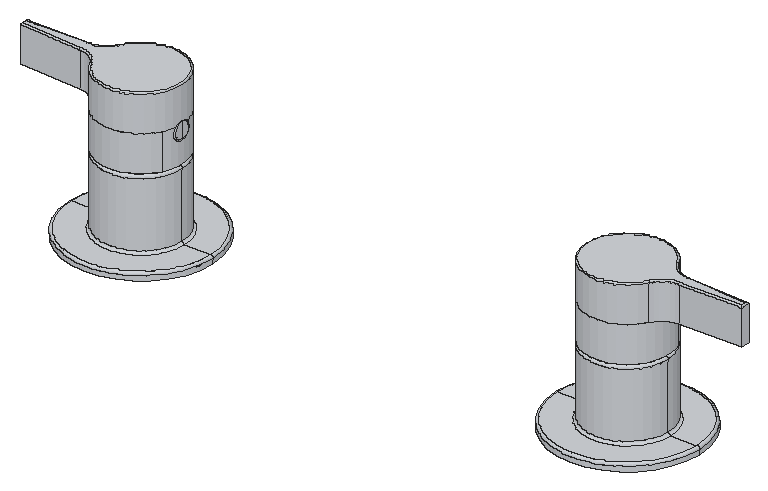
Revit family "Shower-Valve_Trim-KOHLER-TAUT-K-T97099BR", category Specialty Equipment, host Face, Revit 2017
Family settings
  Host = Face
  Round Connector Dimension = Use Diameter
  Part Type = Normal
  OmniClass Number = 23.31.25.00
  OmniClass Title = Toilet and Bath Specialties
  Cut with Voids When Loaded = No
  Shared = No
  Room Calculation Point = No
Parameters (values of type "CP- Polished chrome")
  Width [instance] = 8"
  WaterSense Certified = 1 = 0  # no
  URL = "https://br.kohler.com/"
  Type = 1
  Product Page URL = "https://br.kohler.com/product-detail/t97099br-4?skuid=K-T97099BR-4-CP"
  Product Name = "Taut"  # constant formula
  Product Documentation Link = ""
  Model = "K-T97099BR-4-CP"  # constant formula
  Material = "Metal construction"  # constant formula
  Master Format 2014 Name = "Toilet, Bath, and Laundry Accessories"  # constant formula
  Master Format 2014 = "10 28 00"  # constant formula
  Manufacturer Address = "Rio de Janeiro MULTIREPAROS RUA BATISTA DA COSTA, Nº 352 | STORE B Rio de Janeiro\nSÃO GONÇALO\n24450-470"  # constant formula
  Manufacturer = "KOHLER Co."  # constant formula
  Length = 2 123/256"  # constant formula
  Height = 2 93/256"  # constant formula
  Finish = Kohler-Metal-CP-Polished_Chrome
  Environmental Product Declaration = ""
  Description = "Finish for shower mixer"  # constant formula
  Default Elevation = 42"
  Declare Label = ""
  Date Modified = "01/25/2020"  # constant formula
  Date Created = "01/25/2020"  # constant formula
  Copyright = "Copyright KOHLER Co."  # constant formula
  Contact Us = "https://br.kohler.com/asr-listing"
  Assembly Code = "C1030200"
  ADA Compliant = 1 = 0  # no
Reference planes (in)
  plane 1 "Center (Front/Back)": y = 0
  plane 2: z = 0
  plane 3 "Center (Left/Right)": x = 0
  plane 4: x = -4
  plane 5: x = 4
  plane 6: y = -1.1811
  plane 7: y = 1.18218
  plane 8: x = -2.8189
  plane 9: x = -5.1811
  plane 10: x = -5.92913
  plane 11: x = 2.8189
  plane 12: x = 5.1811
  plane 13: x = 5.92913
  plane 14: z = 2.48047
Dimensions and locks (in)
  "Width": plane 4 to plane 5
  equal spacing: plane 4, plane 3 "Center (Left/Right)", plane 5
  locked: plane 9 to plane 8 at 2.3622
  equal spacing: plane 9, plane 4, plane 8, locked at 1.1811 each
  locked: plane 12 to plane 11 at 2.3622
  equal spacing: plane 11, plane 5, plane 12, locked at 1.1811 each
  "Height": plane 7 to plane 6
  locked: plane 4 to plane 10 at 1.92913
  locked: plane 5 to plane 13 at 1.92913
  "Length": plane 14 to level
  aligned and locked: plane 2 to host face
  aligned and locked: level to host face
  aligned and locked: plane 1 "Center (Front/Back)" to nested 1
  aligned and locked: plane 4 to nested 1
  aligned and locked: plane 5 to nested 2
Automatic sketch dimensions
  host sketch curve to host sketch curve = 96"  (x2)
Nested families (in)
  nested 1: "K-T97099BR" at (-4, 0, 0) x (0, -1, 0) z (0, 0, 1), type "K-T97099BR"
  nested 2: "K-T97099BR" at (4, 0, 0) x (0, -1, 0) z (0, 0, 1), type "K-T97099BR"
Definition of nested family "K-T97099BR"
  Parameters (values of type "K-T97099BR")
    Material = none
  Reference planes (in)
    plane 1 "Center (Front/Back)": y = 0
    plane 2: z = 0
    plane 3 "Center (Left/Right)": x = 0
    plane 4: x = -1.1811
    plane 5: x = 1.1811
    plane 6: y = 1.1811
    plane 7: y = -1.1811
    plane 8: y = -1.92913
    plane 9: z = 2.48031
    plane 10: y = 0.66923
  Forms (in)
    Revolve 1, solid, material <- "Material", detail levels medium+fine
      sketch origin (0, 0, 0) x (0, 1, 0) y (0, 0, 1)
        loop
          line (0, 0) -> (1.1811, 0) -> (1.1811, 0.07874)
          arc (1.1811, 0.07874) -> (1.16957, 0.10658) -> (1.14173, 0.11811) r 0.03937
          line (1.14173, 0.11811) -> (0.7086, 0.11811)
          arc (0.7086, 0.11811) -> (0.68076, 0.12964) -> (0.66923, 0.15748) r 0.03937
          line (0.66923, 0.15748) -> (0.66923, 1.22047)
          arc (0.66923, 1.22047) -> (0.6577, 1.24831) -> (0.62986, 1.25984) r 0.03937
          line (0.62986, 1.25984) -> (0.59049, 1.25984) -> (0.59049, 1.29102) -> (0, 1.29102) -> (0, 0)
        axis (0, 1.29102) -> (0, 0)
      angle from 0 to 360
    Extrusion 2, solid, material <- "Material", detail levels medium+fine
      sketch origin (0, 0, 0) x (1, 0, 0) y (0, 1, 0)
        loop
          line (-0.0176, -1.87992) -> (0.0176, -1.87992) -> (0.04481, -0.92397)
          arc (0.04481, -0.92397) -> (0.11165, -0.70489) -> (0.28089, -0.55053) r 0.43307
          arc (0.28089, -0.55053) -> (0, 0.61805) -> (-0.28089, -0.55053) r 0.61805
          arc (-0.28089, -0.55053) -> (-0.11165, -0.70489) -> (-0.04481, -0.92397) r 0.43307
          line (-0.04481, -0.92397) -> (-0.0176, -1.87992)
      from 1.88043 to 2.48031
    Sweep 3, solid, material <- "Material", detail levels medium+fine
      path in 3D
        loop
          arc (0.28089, -0.55053, 2.48031) -> (0.11165, -0.70489, 2.48031) -> (0.04481, -0.92397, 2.48031) r 0.43307
          line (0.04481, -0.92397, 2.48031) -> (0.0176, -1.87992, 2.48031) -> (-0.0176, -1.87992, 2.48031) -> (-0.04481, -0.92397, 2.48031)
          arc (-0.04481, -0.92397, 2.48031) -> (-0.11165, -0.70489, 2.48031) -> (-0.28089, -0.55053, 2.48031) r 0.43307
          arc (-0.28089, -0.55053, 2.48031) -> (0, 0.61805, 2.48031) -> (0.28089, -0.55053, 2.48031) r 0.61805
      profile origin (0, 0.61805, 2.48031) x (0, 1, 0) y (0, 0, 1)
        loop
          line (0, 0) -> (0, -0.59988) -> (0.05118, -0.59988) -> (0.05118, -0.02008)
          arc (0.05118, -0.02008) -> (0.0453, -0.00588) -> (0.0311, 0) r 0.02008
          line (0.0311, 0) -> (0, 0)
    Revolve 4, solid, material <- "Material", detail levels medium+fine
      sketch origin (0, 0, 0) x (0, 1, 0) y (0, 0, 1)
        loop
          line (0.67295, 1.79024) -> (0.67295, 1.91973)
          arc (0.67295, 1.91973) -> (0.66668, 1.93487) -> (0.65155, 1.94113) r 0.0214
          line (0.65155, 1.94113) -> (0.59972, 1.94113) -> (0.59972, 1.79024) -> (0.67295, 1.79024)
        axis (0.59972, 1.79024) -> (0.67295, 1.79024)
      angle from 0 to 360
    Extrusion 5, solid, material <- "Material", detail levels medium+fine
      sketch origin (0, 0, 0) x (1, 0, 0) y (0, 1, 0)
        loop
          circle (0, 0) r 0.66923
      from 1.29102 to 1.88043
    Revolve 6, solid, material <- "Material", detail levels coarse
      sketch origin (0, 0, 0) x (0, 1, 0) y (0, 0, 1)
        loop
          line (0, 0) -> (0, 0.11811) -> (0, 2.48031) -> (-0.67174, 2.48031) -> (-0.67174, 0.11811) -> (-1.1811, 0.11811) -> (-1.1811, 0) -> (0, 0)
        axis (0, 0) -> (0, 2.48031)
      angle from 0 to 360
    Extrusion 7, solid, material <- "Material", detail levels coarse
      sketch origin (0, 0, 0) x (0, 1, 0) y (0, 0, 1)
        loop
          line (-1.9311, 1.88043) -> (-0.13065, 1.88043) -> (-0.13065, 2.48031) -> (-1.9311, 2.48031) -> (-1.9311, 1.88043)
      from -0.11811 to 0.11811
  Cuts and joins
    joined: Revolve 1, Extrusion 2, Sweep 3, Extrusion 5
    joined: Revolve 6, Extrusion 7
  Lines and regions (in)
    Masking region 1
      outline origin (0, 0, 0) x (1, 0, 0) y (0, 1, 0)
        loop
          arc (0.08879, -1.17776) -> (0, 1.1811) -> (-0.08879, -1.17776) r 1.1811
          line (-0.08879, -1.17776) -> (-0.06805, -1.90618)
          arc (-0.06805, -1.90618) -> (-0.06091, -1.92245) -> (-0.04444, -1.92913) r 0.02362
          line (-0.04444, -1.92913) -> (0.04554, -1.92913)
          arc (0.04554, -1.92913) -> (0.06122, -1.92277) -> (0.06802, -1.90728) r 0.02249
          line (0.06802, -1.90728) -> (0.08879, -1.17776)
    Masking region 2
      outline origin (0, 0, 0) x (1, 0, 0) y (0, 0, 1)
        loop
          line (-0.7086, 0.11811) -> (-1.14173, 0.11811)
          arc (-1.14173, 0.11811) -> (-1.16957, 0.10658) -> (-1.1811, 0.07874) r 0.03937
          line (-1.1811, 0.07874) -> (-1.1811, 0) -> (1.1811, 0) -> (1.1811, 0.07874)
          arc (1.1811, 0.07874) -> (1.16957, 0.10658) -> (1.14173, 0.11811) r 0.03937
          line (1.14173, 0.11811) -> (0.7086, 0.11811)
          arc (0.7086, 0.11811) -> (0.68076, 0.12964) -> (0.66923, 0.15748) r 0.03937
          line (0.66923, 0.15748) -> (0.66923, 1.22047)
          arc (0.66923, 1.22047) -> (0.6577, 1.24831) -> (0.62986, 1.25984) r 0.03937
          line (0.62986, 1.25984) -> (0.59049, 1.25984) -> (0.59049, 1.29102) -> (0.66923, 1.29102) -> (0.66923, 2.45669)
          arc (0.66923, 2.45669) -> (0.66231, 2.4734) -> (0.64561, 2.48031) r 0.02362
          line (0.64561, 2.48031) -> (-0.64561, 2.48031)
          arc (-0.64561, 2.48031) -> (-0.66231, 2.4734) -> (-0.66923, 2.45669) r 0.02362
          line (-0.66923, 2.45669) -> (-0.66923, 1.29102) -> (-0.59049, 1.29102) -> (-0.59049, 1.25984) -> (-0.62986, 1.25984)
          arc (-0.62986, 1.25984) -> (-0.6577, 1.24831) -> (-0.66923, 1.22047) r 0.03937
          line (-0.66923, 1.22047) -> (-0.66923, 0.15748)
          arc (-0.66923, 0.15748) -> (-0.68076, 0.12964) -> (-0.7086, 0.11811) r 0.03937
    Masking region 3
      outline origin (0, 0, 0) x (0, 1, 0) y (0, 0, 1)
        loop
          arc (0.7086, 0.11811) -> (0.68076, 0.12964) -> (0.66923, 0.15748) r 0.03937
          line (0.66923, 0.15748) -> (0.66923, 1.22047)
          arc (0.66923, 1.22047) -> (0.6577, 1.24831) -> (0.62986, 1.25984) r 0.03937
          line (0.62986, 1.25984) -> (0.59049, 1.25984) -> (0.59049, 1.29102) -> (0.66923, 1.29102) -> (0.66923, 1.62923)
          arc (0.66923, 1.62923) -> (0.67202, 1.64462) -> (0.67296, 1.66024) r 0.13084
          line (0.67296, 1.66024) -> (0.67296, 1.91957)
          arc (0.67296, 1.91957) -> (0.67202, 1.93676) -> (0.66923, 1.95376) r 0.15863
          line (0.66923, 1.95376) -> (0.66923, 2.46024)
          arc (0.66923, 2.46024) -> (0.66335, 2.47443) -> (0.64915, 2.48031) r 0.02008
          line (0.64915, 2.48031) -> (-1.90906, 2.48031)
          arc (-1.90906, 2.48031) -> (-1.92325, 2.47443) -> (-1.92913, 2.46024) r 0.02008
          line (-1.92913, 2.46024) -> (-1.92913, 1.8804) -> (-0.70414, 1.85902)
          arc (-0.70414, 1.85902) -> (-0.67942, 1.84839) -> (-0.66923, 1.82349) r 0.03553
          line (-0.66923, 1.82349) -> (-0.66923, 1.29102) -> (-0.59049, 1.29102) -> (-0.59049, 1.25984) -> (-0.62986, 1.25984)
          arc (-0.62986, 1.25984) -> (-0.6577, 1.24831) -> (-0.66923, 1.22047) r 0.03937
          line (-0.66923, 1.22047) -> (-0.66923, 0.15748)
          arc (-0.66923, 0.15748) -> (-0.68076, 0.12964) -> (-0.7086, 0.11811) r 0.03937
          line (-0.7086, 0.11811) -> (-1.14173, 0.11811)
          arc (-1.14173, 0.11811) -> (-1.16957, 0.10658) -> (-1.1811, 0.07874) r 0.03937
          line (-1.1811, 0.07874) -> (-1.1811, 0) -> (1.1811, 0) -> (1.1811, 0.07874)
          arc (1.1811, 0.07874) -> (1.16957, 0.10658) -> (1.14173, 0.11811) r 0.03937
          line (1.14173, 0.11811) -> (0.7086, 0.11811)
    sketch lines
      curve 1: arc (-0.28089, -0.55053, 2.48031) -> (0, 0.61805, 2.48031) -> (0.28089, -0.55053, 2.48031) r 0.61805
      curve 2: arc (0.28089, -0.55053, 2.48031) -> (0.11165, -0.70489, 2.48031) -> (0.04481, -0.92397, 2.48031) r 0.43307
      curve 3: line (0.0176, -1.87992, 2.48031) -> (0.04481, -0.92397, 2.48031)
      curve 4: line (-0.0176, -1.87992, 2.48031) -> (0.0176, -1.87992, 2.48031)
      curve 5: line (-0.04481, -0.92397, 2.48031) -> (-0.0176, -1.87992, 2.48031)
      curve 6: arc (-0.04481, -0.92397, 2.48031) -> (-0.11165, -0.70489, 2.48031) -> (-0.28089, -0.55053, 2.48031) r 0.43307
    symbolic lines, detail levels medium+fine
      curve 7: arc (0.30415, -0.59612, 0) -> (0.15491, -0.73223, 0) -> (0.09597, -0.92543, 0) r 0.38189
      curve 8: line (0.08276, -1.38953, 0) -> (0.09597, -0.92543, 0)
      curve 9: line (-0.09597, -0.92543, 0) -> (-0.08224, -1.40794, 0)
      curve 10: arc (-0.09597, -0.92543, 0) -> (-0.15491, -0.73223, 0) -> (-0.30415, -0.59612, 0) r 0.38189
      curve 11: arc (-0.15129, 0.65191, 0) -> (-0.66427, 0.08136, 0) -> (-0.30415, -0.59612, 0) r 0.66923
      curve 12: line (-0.12944, 0.67295, 0) -> (0.12944, 0.67295, 0)
      curve 13: arc (-0.15129, 0.65191, 0) -> (-0.14461, 0.66683, 0) -> (-0.12944, 0.67295, 0) r 0.02186
      curve 14: arc (0.15129, 0.65191, 0) -> (0.66427, 0.08136, 0) -> (0.30415, -0.59612, 0) r 0.66923
      curve 15: arc (0.15129, 0.65191, 0) -> (0.14461, 0.66683, 0) -> (0.12944, 0.67295, 0) r 0.02186
      curve 16: arc (-0.15129, 0.65191, 0) -> (0, 0.66923, 0) -> (0.15129, 0.65191, 0) r 0.66923
      curve 17: arc (0.08992, -1.13819, 0) -> (0, 1.14173, 0) -> (-0.08992, -1.13819, 0) r 1.14173
      curve 18: arc (0.29341, -0.57508, 0) -> (0, 0.64561, 0) -> (-0.29341, -0.57508, 0) r 0.64561
      curve 19: arc (-0.29341, -0.57508, 0) -> (-0.13494, -0.71961, 0) -> (-0.07236, -0.92476, 0) r 0.40551
      curve 20: line (-0.07236, -0.92476, 0) -> (-0.05863, -1.40727, 0)
      curve 21: line (-0.06518, -1.17709, 0) -> (-0.04377, -1.92913, 0)
      curve 22: line (0.04377, -1.92913, 0) -> (0.06518, -1.17709, 0)
      curve 23: line (0.05915, -1.38886, 0) -> (0.07236, -0.92476, 0)
      curve 24: arc (0.07236, -0.92476, 0) -> (0.13494, -0.71961, 0) -> (0.29341, -0.57508, 0) r 0.40551
      curve 25: line (-0.06805, -1.90618, 0) -> (0.06805, -1.90618, 0)
      curve 26: line (-0.66923, 0, 1.88043) -> (0.66923, 0, 1.88043)
      curve 27: line (-0.06735, 0, 2.4619) -> (-0.06735, 0, 1.88043)
      curve 28: line (0.06735, 0, 2.46172) -> (0.06735, 0, 1.88043)
      curve 29: spline (-0.04786, 0, 2.47995) -> (-0.04999, 0, 2.48021) -> (-0.05212, 0, 2.48011) -> (-0.05422, 0, 2.47964) -> (-0.05626, 0, 2.47883) -> (-0.05822, 0, 2.47767) -> (-0.06006, 0, 2.47618) -> (-0.06176, 0, 2.47439) -> (-0.06329, 0, 2.47232) -> (-0.06463, 0, 2.47) -> (-0.06576, 0, 2.46746) -> (-0.06667, 0, 2.46475) -> (-0.06735, 0, 2.4619)
      curve 30: spline (0.04787, 0, 2.47995) -> (0.04995, 0, 2.48021) -> (0.05205, 0, 2.4801) -> (0.05412, 0, 2.47963) -> (0.05615, 0, 2.47881) -> (0.05809, 0, 2.47763) -> (0.05993, 0, 2.47613) -> (0.06163, 0, 2.47432) -> (0.06317, 0, 2.47223) -> (0.06454, 0, 2.46989) -> (0.06569, 0, 2.46733) -> (0.06664, 0, 2.46459) -> (0.06735, 0, 2.46172)
      curve 31: line (-0.04786, 0, 2.47995) -> (-0.04786, 0, 1.88043)
      curve 32: line (0.04787, 0, 2.47995) -> (0.04787, 0, 1.88043)
      curve 33: line (-0.23918, 0, 1.86381) -> (0.21825, 0, 1.86381)
      curve 34: arc (-0.30415, 0, 1.88043) -> (-0.27271, 0, 1.86803) -> (-0.23918, 0, 1.86381) r 0.13528
      curve 35: arc (0.21825, 0, 1.86381) -> (0.262, 0, 1.868) -> (0.30415, 0, 1.88043) r 0.23026
      curve 36: line (-0.66923, 0, 1.29102) -> (0.66923, 0, 1.29102)
      curve 37: line (-0.59049, 0, 1.25984) -> (0.59061, 0, 1.25984)
      curve 38: line (-0.66923, 0, 1.22047) -> (0.66923, 0, 1.22047)
      curve 39: line (-0.84301, 0, 0.11811) -> (0.92517, 0, 0.11811)
      curve 40: line (-0.66923, 0, 0.15748) -> (0.66923, 0, 0.15748)
      curve 41: line (-1.1811, 0, 0.07874) -> (1.1811, 0, 0.07874)
      curve 42: line (-0.66923, 0, 2.45669) -> (0.66923, 0, 2.45669)
      curve 43: line (0, 0.66923, 2.46024) -> (0, -1.92913, 2.46024)
      curve 44: line (0, -1.90906, 2.48031) -> (0, -1.90906, 1.88043)
      curve 45: line (0, -0.70414, 1.85902) -> (0, 0.66923, 1.85902)
      curve 46: arc (0, -0.50729, 1.85902) -> (0, -0.59019, 1.85003) -> (0, -0.66923, 1.82349) r 0.38682
      curve 47: line (0, 0.66923, 1.29102) -> (0, -0.66923, 1.29102)
      curve 48: line (0, 0.59049, 1.25984) -> (0, -0.62986, 1.25984)
      curve 49: line (0, 0.66923, 1.22047) -> (0, -0.66923, 1.22047)
      curve 50: line (0, 0.7086, 0.11811) -> (0, -0.8662, 0.11811)
      curve 51: line (0, 0.66923, 0.15748) -> (0, -0.66923, 0.15748)
      curve 52: line (0, 1.1811, 0.07874) -> (0, -1.1811, 0.07874)
      curve 53: line (0, 0.66923, 1.9791) -> (0, 0.66923, 1.5854)
  Dimensions and locks (in)
    plane 4 to plane 5 = 2.3622"
    plane 6 to plane 7 = 2.3622"
    plane 1 "Center (Front/Back)" to plane 8 = 1.92913"
    plane 9 to level = 2.48031"
    aligned and locked: plane 2 to level
